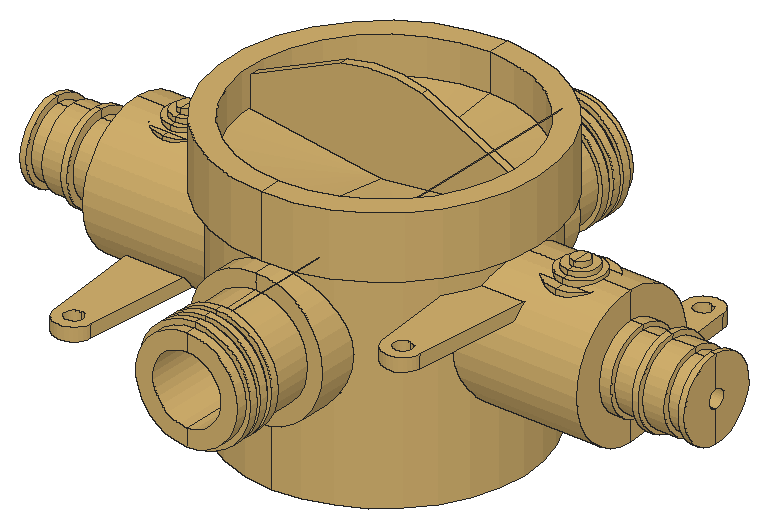
Revit family "Pressure_Balance_Rough_Valve-GROHE-35112000", category Plumbing Fixtures, host Face, Revit 2016
Family settings
  Host = Face
  Part Type = Normal
  Round Connector Dimension = Use Diameter
  OmniClass Number = 23.45.05.14.17
  OmniClass Title = Showers
  Cut with Voids When Loaded = Yes
  Shared = Yes
  Room Calculation Point = No
Parameters (values of type "GROHSAFE 3.0 - 35112000 1/2" Copper Sweat Outlet")
  Water Connection Diameter = 1/2"  # constant formula
  Waste Connection = no
  Warranty Information = ""
  WFU = 4  # constant formula
  Vent Connection = no
  URL = "www.grohe.ca"
  Type Comments = ""
  Specification = " 1/2in PEX cold expansion inlets; 1/2in Universal outlets; Includes plug for 3-port installation; Universal connection is 1/2” male threads by copper sweat; Flush plug included; Can be tested using flush plug with air (200 psi) or water 300 psi;Valve can be rotated 180 degrees to accommodate floor or ceiling supplies ;Made of DZR Brass; Service stops; Cartridge ships with the trim"  # constant formula
  Shower Outlet To Spout Outlet Width = 3 5/8"  # constant formula
  ScrewDriver Stop = yes
  Product Page URL = ""
  Product Documentation Link = ""
  Price = "Prices may vary. Please consult Manufacturer Representative for most up-to-date price list."  # constant formula
  Plaster Guard = yes
  Outlet to Wall = 2"
  Outlet to Outlet = 3 5/8"
  Outlet To Center = Shower Outlet To Spout Outlet Width / 2  # 1 13/16"
  Model = "35112000"  # constant formula
  Material = "DZR_Brass-Grohe"
  Manufacturer = "Grohe"  # constant formula
  Installation Type = "Wall Mounted"  # constant formula
  Inlet to Wall = 1"
  Inlet To Center = Hot Inlet To Cold Inlet Width / 2  # 2 7/16"
  Hot Inlet To Cold Inlet Width = 4 7/8"
  HWFU = 3  # constant formula
  HW Connection = yes
  Finish = DZR_Brass-Grohe
  Description = "Pressure Balance Valve Rough with Elbows - PEX - Cold Expansion with Service Stops"  # constant formula
  Dept From Wall Face To Outlet = if(Outlet to Wall < 1 3/4", 1 3/4", if(Outlet to Wall > 2 3/4", 2 3/4", Outlet to Wall))  # 2"
  Dept From Wall Face To COFC = if(Inlet to Wall < 7/8", 7/8", if(Inlet to Wall > 2", 2", Inlet to Wall))  # 1"
  Default Elevation = 0"  # constant formula
  Creation Date = "03/23/2020"  # constant formula
  Connection Size = 1/2"  # constant formula
  Connection Outlet Description = "1/2\" Copper Sweat Connection Outlet"
  Connection HW Inlet Description = "1/2” PEX Cold Expansion Connection Inlet"
  Connection CW Inlet Description = "1/2” PEX Cold Expansion Connection Inlet"
  CWFU = 3  # constant formula
  CW Connection = yes
  Assembly Code = "D2020300"
Types (3): name | Connection Outlet Description
  (no name) | "1/2\" Copper Sweat Connection Outlet"
  GROHSAFE 3.0 - 35112000 1/2" Copper Sweat Outlet | "1/2\" Copper Sweat Connection Outlet"
  GROHSAFE 3.0 - 35112000 1/2" NPT Outlet | "1/2\" NPT Connection Outlet"
Reference planes (in)
  plane 1 "Center (Front/Back)": y = -0.625
  plane 2: z = 0
  plane 3 "Center (Left/Right)": x = 0
  plane 4: z = -0.45494
  plane 5: y = -0.59375
  plane 6: y = -0.65625
  plane 7: y = -2.4375
  plane 8: y = 1.1875
  plane 9: z = -2
  plane 10: z = -1
  plane 11: x = 1.03125
  plane 12: x = -1.03125
  plane 13: x = 2.4375
  plane 14: x = -2.4375
  plane 15: z = -1.27344
  plane 16: x = -2
  plane 17: x = 3.25
  plane 18: x = -2.34727
  plane 19: x = -2.4375
  plane 20: x = 2.4375
  plane 21: x = 2
Forms (in)
  Extrusion 1, solid
    sketch origin (0, 0, 0) x (1, 0, 0) y (0, 1, 0)
      loop
        line (-0.12634, -0.50696) -> (-0.12634, -0.76768) -> (0.16418, -0.76768) -> (0.16418, -0.50696) -> (-0.12634, -0.50696)
    from -0.69087 to -0.7969
  Revolve 2, solid, material "DZR_Brass-Grohe"
    sketch origin (0, 0, 0) x (0, 1, 0) y (0, 0, 1)
      loop
        line (0.40625, -2) -> (0.40625, -0.45494) -> (0.5046, -0.45494) -> (0.5046, 0) -> (0.34375, 0) -> (0.34375, -0.26863) -> (-0.625, -0.39363) -> (-0.625, -0.51744) -> (0.34375, -0.51744) -> (0.34375, -1.9375) -> (-0.625, -1.9375) -> (-0.625, -2) -> (0.40625, -2)
      axis (-0.625, 0) -> (-0.625, -2)
    angle from 0 to 360
  Extrusion 3, solid, material "DZR_Brass-Grohe"
    sketch origin (0, 1.1875, -0.69922) x (0, 1, 0) y (-1, 0, 0)
      loop
        line (-0.63558, 1.20343) -> (-1.8125, 1.31847) -> (-1.8125, 0.81724) -> (-0.63558, 0.93227)
        arc (-0.63558, 0.93227) -> (-0.5126, 1.06785) -> (-0.63558, 1.20343) r 0.13623
      loop
        circle (-0.64883, 1.06785) r 0.06518
      loop
        line (-2.98942, -1.20343) -> (-1.8125, -1.31847) -> (-1.8125, -0.81724) -> (-2.98942, -0.93227)
        arc (-2.98942, -0.93227) -> (-3.1124, -1.06785) -> (-2.98942, -1.20343) r 0.13623
      loop
        circle (-2.97617, -1.06785) r 0.06518
    from -0.01953 to 0.07575
  Extrusion 4, solid, material "DZR_Brass-Grohe", visible <- "Plaster Guard"
    sketch origin (0, -5.06165, -1.98606) x (0, -1, 0) y (1, 0, 0)
      loop
        arc (-3.25973, -1.48468) -> (-3.13676, -1.3491) -> (-3.25973, -1.21352) r 0.13623
        line (-3.25973, -1.21352) -> (-4.43665, -1.09849) -> (-4.43665, -1.59972) -> (-3.25973, -1.48468)
      loop
        circle (-3.27298, -1.3491) r 0.06518
      loop
        arc (-5.61357, 1.54718) -> (-5.73655, 1.4116) -> (-5.61357, 1.27602) r 0.13623
        line (-5.61357, 1.27602) -> (-4.43665, 1.16099) -> (-4.43665, 1.66222) -> (-5.61357, 1.54718)
      loop
        circle (-5.60032, 1.4116) r 0.06518
    from 0.61857 to 0.71262
  Extrusion 5, solid, material "DZR_Brass-Grohe"
    sketch origin (0, -0.625, 0) x (1, 0, 0) y (0, 0, 1)
      loop
        line (1.06785, -0.45494) -> (1.06785, -0.09479) -> (0.29629, 0.26499)
        arc (0.29629, 0.26499) -> (0, 0.30738) -> (-0.29629, 0.26499) r 1.05669
        line (-0.29629, 0.26499) -> (-1.06785, -0.09479) -> (-1.06785, -0.45494) -> (1.06785, -0.45494)
    from -0.03125 to 0.03125
  Revolve 6, solid, material "DZR_Brass-Grohe", visible <- "ScrewDriver Stop"
    sketch origin (-1.44285, -0.65886, 48.30811) x (0, -1, 0) y (0, 0, 1)
      loop
        line (-0.03386, -48.93159) -> (0.19474, -48.93159) -> (0.19474, -48.84071) -> (0.12322, -48.84071) -> (0.12322, -48.80071) -> (0.07947, -48.80071) -> (0.07947, -48.76585) -> (0.03078, -48.76585) -> (0.03078, -48.7303) -> (-0.03386, -48.7303) -> (-0.03386, -48.93159)
      axis (-0.03386, -48.93159) -> (-0.03386, -48.7303)
    angle from 0 to 360
  Revolve 7, solid, material "DZR_Brass-Grohe", visible <- "ScrewDriver Stop"
    sketch origin (1.44285, 2.2913, 48) x (0, 1, 0) y (0, 0, 1)
      loop
        line (-2.9163, -48.62347) -> (-2.9163, -48.41325) -> (-2.98094, -48.41325) -> (-2.98094, -48.4488) -> (-3.03483, -48.4488) -> (-3.03483, -48.48367) -> (-3.07858, -48.48367) -> (-3.07858, -48.52367) -> (-3.1501, -48.52367) -> (-3.1501, -48.62347) -> (-2.9163, -48.62347)
      axis (-2.9163, -48.62347) -> (-2.9163, -48.41325)
    angle from 0 to 360
  Revolve 8, solid, material "DZR_Brass-Grohe"
    sketch origin (0, -0.625, 0) x (1, 0, 0) y (0, 0, 1)
      loop
        line (1.8125, -0.5) -> (-1.8125, -0.5) -> (-1.8125, -0.70278) -> (-1.90056, -0.70278) -> (-1.90056, -0.73432) -> (-2.07702, -0.73432) -> (-2.07702, -0.68066) -> (-2.12157, -0.68066) -> (-2.12157, -0.71382) -> (-2.28415, -0.71382) -> (-2.28415, -0.74967) -> (-2.39617, -0.74967) -> (-2.39617, -0.70448) -> (-2.4375, -0.70448) -> (-2.4375, -0.93199) -> (-1.8125, -0.93199) -> (-1.8125, -0.86856) -> (1.8125, -0.86856) -> (1.8125, -0.93199) -> (2.4375, -0.93199) -> (2.4375, -0.70448) -> (2.39617, -0.70448) -> (2.39617, -0.74967) -> (2.28415, -0.74967) -> (2.28415, -0.71382) -> (2.12157, -0.71382) -> (2.12157, -0.68066) -> (2.07702, -0.68066) -> (2.07702, -0.73432) -> (1.90056, -0.73432) -> (1.90056, -0.70278) -> (1.8125, -0.70278) -> (1.8125, -0.5)
      axis (-2.4375, -1) -> (2.4375, -1)
    angle from 0 to 360
  Revolve 9, solid, material "DZR_Brass-Grohe"
    sketch origin (0, -0.625, 0) x (0, 1, 0) y (0, 0, 1)
      loop
        line (1.8125, -0.75) -> (1.8125, -0.625) -> (1.7402, -0.625) -> (1.7402, -0.58823) -> (1.68594, -0.58823) -> (1.68594, -0.625) -> (1.64471, -0.625) -> (1.64471, -0.58823) -> (1.59045, -0.58823) -> (1.59045, -0.625) -> (1.54824, -0.625) -> (1.54824, -0.58823) -> (1.49398, -0.58823) -> (1.49398, -0.625) -> (1.17692, -0.625) -> (1.17692, -0.50765) -> (-1.17692, -0.50765) -> (-1.17692, -0.625) -> (-1.49398, -0.625) -> (-1.49398, -0.58823) -> (-1.54824, -0.58823) -> (-1.54824, -0.625) -> (-1.59045, -0.625) -> (-1.59045, -0.58823) -> (-1.64471, -0.58823) -> (-1.64471, -0.625) -> (-1.68594, -0.625) -> (-1.68594, -0.58823) -> (-1.7402, -0.58823) -> (-1.7402, -0.625) -> (-1.8125, -0.625) -> (-1.8125, -0.75) -> (1.8125, -0.75)
      axis (1.8125, -1) -> (-1.8125, -1)
    angle from 0 to 360
  Extrusion 10, void
    sketch origin (0, 1.1875, -0.72266) x (0, 1, 0) y (-1, 0, 0)
      loop
        circle (-1.8125, 0) r 2
    from -2.58468 to 0.72266
Cuts and joins
  joined: Extrusion 3, Extrusion 5
Lines and regions (in)
  Masking region 1
    outline origin (0, 0, 0) x (0, 1, 0) y (0, 0, 1)
      loop
        line (0.5046, 0) -> (-0.59375, 0) -> (-0.59375, 0.30738) -> (-0.65625, 0.30738) -> (-0.65625, 0) -> (-1.7546, 0) -> (-1.7546, -0.45494) -> (-1.65625, -0.45494) -> (-1.65625, -0.50765) -> (-1.80192, -0.50765) -> (-1.80192, -0.57895) -> (-2.4375, -0.57895) -> (-2.4375, -1.42105) -> (-1.80192, -1.42105) -> (-1.80192, -1.49235) -> (-1.65625, -1.49235) -> (-1.65625, -2) -> (0.40625, -2) -> (0.40625, -1.49235) -> (0.55192, -1.49235) -> (0.55192, -1.42105) -> (1.1875, -1.42105) -> (1.1875, -0.75258) -> (1.1875, -0.57895) -> (0.55192, -0.57895) -> (0.55192, -0.50765) -> (0.40625, -0.50765) -> (0.40625, -0.45494) -> (0.5046, -0.45494) -> (0.5046, 0)
  Masking region 2
    outline origin (0, -0.625, 0) x (1, 0, 0) y (0, 0, 1)
      loop
        arc (0.29629, 0.26499) -> (0, 0.30738) -> (-0.29629, 0.26499) r 1.05669
        line (-0.29629, 0.26499) -> (-0.86457, 0) -> (-1.1296, 0) -> (-1.1296, -0.45494) -> (-1.03125, -0.45494) -> (-1.03125, -0.50027) -> (-1.23806, -0.50027) -> (-1.23806, -0.36738) -> (-1.63583, -0.36738) -> (-1.63583, -0.50027) -> (-1.8125, -0.50027) -> (-1.8125, -0.73124) -> (-2.4375, -0.73124) -> (-2.4375, -1.26876) -> (-1.8125, -1.26876) -> (-1.8125, -1.49973) -> (-1.03125, -1.49973) -> (-1.03125, -2) -> (1.03125, -2) -> (1.03125, -1.49973) -> (1.8125, -1.49973) -> (1.8125, -1.26876) -> (2.4375, -1.26876) -> (2.4375, -0.73124) -> (1.8125, -0.73124) -> (1.8125, -0.50027) -> (1.63583, -0.50027) -> (1.63583, -0.36738) -> (1.23806, -0.36738) -> (1.23806, -0.50027) -> (1.03125, -0.50027) -> (1.03125, -0.45494) -> (1.1296, -0.45494) -> (1.1296, 0) -> (0.86457, 0) -> (0.29629, 0.26499)
  symbolic lines, detail levels fine
    curve 1: line (0.86457, -0.625, 0) -> (-0.86457, -0.625, 0)
    curve 2: line (1.1296, -0.625, -0.45494) -> (0, -0.625, -0.45494)
    curve 3: line (0, -0.625, -0.45494) -> (-1.1296, -0.625, -0.45494)
    curve 4: circle (0, -0.625, -1) r 0.3125 normal (0, -1, 0)
    curve 5: circle (0, -0.625, -1) r 0.25 normal (0, -1, 0)
    curve 6: circle (0, -0.625, -1) r 0.375 normal (0, -1, 0)
    curve 7: line (0, 0.5046, -0.45494) -> (0, -1.7546, -0.45494)
    curve 8: circle (0, -0.625, -1) r 0.41541 normal (-1, 0, 0)
    curve 9: circle (0, -0.625, -1) r 0.25 normal (-1, 0, 0)
    curve 10: circle (0, -0.625, -1) r 0.5 normal (-1, 0, 0)
    curve 11: circle (0, -0.625, -1) r 0.3125 normal (-1, 0, 0)
    curve 12: line (1.8125, -0.625, -0.5) -> (1.8125, -0.625, -1.5)
    curve 13: line (-1.8125, -0.625, -0.73124) -> (-1.8125, -0.625, -1.26876)
Dimensions and locks (in)
  locked: Revolve 2 sketch curve to Revolve 2 sketch curve at 0.0625
  locked: cut or joined group of Extrusion 3, Extrusion 5 to cut or joined group of Extrusion 3, Extrusion 5 at 0.09528
  locked: Extrusion 4 to Extrusion 4 at 0.09405
  plane 4 to level = 0.45494"
  Revolve 7 sketch curve to Revolve 7 sketch curve to Revolve 7 sketch curve to Revolve 7 sketch curve to Revolve 7 sketch curve = 0.03555" locked, 0.03486" locked, 0.04" locked, 0.0998" locked
  Revolve 7 sketch curve to Revolve 7 sketch curve to Revolve 7 sketch curve to Revolve 7 sketch curve to Revolve 7 sketch curve = 0.06464" locked, 0.0539" locked, 0.04375" locked, 0.07151" locked
  Revolve 2 sketch curve to Revolve 2 sketch curve to Revolve 2 sketch curve to plane 1 "Center (Front/Back)" = 0.09835" locked, 1/16" locked, 31/32" locked
  Revolve 2 sketch curve to Revolve 2 sketch curve to Revolve 2 sketch curve = 1/16" locked, 0.45494"
  "Dept From Wall Face To Outlet": level to plane 9
  "Dept From Wall Face To COFC": level to plane 10
  level to plane 10 = 1"
  plane 6 to plane 7 = 1 25/32"
  Extrusion 4 to Extrusion 4 = 0.09405"
  Revolve 7 sketch curve to Revolve 7 sketch curve = 0.21022"
  plane 10 to plane 15 = 35/128"  (x2)
  locked: cut or joined group of Extrusion 3, Extrusion 5 to plane 10 at 0.28125
  equal spacing: Revolve 9 sketch curve, plane 1 "Center (Front/Back)", Revolve 9 sketch curve
  Revolve 9 sketch curve to Revolve 9 sketch curve to Revolve 9 sketch curve = 1/8" locked, 0.11735" locked
  Revolve 6 sketch curve to Revolve 6 sketch curve to Revolve 6 sketch curve to Revolve 6 sketch curve = 0.03555" locked, 0.03486" locked, 0.04" locked
  Revolve 6 sketch curve to Revolve 6 sketch curve to Revolve 6 sketch curve to Revolve 6 sketch curve to Revolve 6 sketch curve = 0.06464" locked, 0.04869", 0.04375" locked, 0.07151" locked
  equal spacing: plane 19, plane 3 "Center (Left/Right)", plane 20
  "Inlet To Center": plane 19 to plane 3 "Center (Left/Right)"
  locked: plane 19 to plane 16 at 0.4375
  locked: plane 20 to plane 21 at 0.4375
  plane 19 to plane 20 = 4 7/8"
  Revolve 9 sketch curve to Revolve 9 sketch curve to Revolve 9 sketch curve to Revolve 9 sketch curve to Revolve 9 sketch curve to Revolve 9 sketch curve = 0.05426" locked, 0.04123" locked, 0.05426" locked, 0.04221" locked, 0.05426"  (x2)
  "Outlet to Outlet": plane 8 to plane 7
  equal spacing: plane 8, plane 1 "Center (Front/Back)", plane 7
  Revolve 8 sketch curve to Revolve 8 sketch curve to Revolve 8 sketch curve to Revolve 8 sketch curve to Revolve 8 sketch curve to Revolve 8 sketch curve = 0.11202" locked, 0.16259" locked, 0.04455" locked, 0.17646" locked, 0.08806" locked
  Revolve 8 sketch curve to Revolve 8 sketch curve to Revolve 8 sketch curve to Revolve 8 sketch curve to Revolve 8 sketch curve to Revolve 8 sketch curve to plane 19 = 0.08806" locked, 0.17646" locked, 0.04455" locked, 0.16259" locked, 0.11202" locked, 0.04133" locked
  aligned and locked: plane 1 "Center (Front/Back)" to Revolve 2 sketch curve
  aligned and locked: Revolve 2 sketch curve to plane 1 "Center (Front/Back)"  (x2)
  aligned and locked: plane 1 "Center (Front/Back)" to Extrusion 3 sketch curve
  aligned and locked: Extrusion 5 to plane 5
  aligned and locked: Revolve 2 sketch curve to Revolve 2 sketch curve
  aligned and locked: Revolve 2 to curve 1
  aligned and locked: plane 10 to Revolve 8 sketch curve
  aligned and locked: Revolve 9 sketch curve to plane 10
  aligned and locked: Revolve 2 sketch curve to plane 9
  aligned and locked: plane 4 to Revolve 2 sketch curve
  aligned and locked: Extrusion 4 to plane 15
  aligned and locked: level to Extrusion 10
  aligned and locked: curve 5 to Revolve 9
  aligned and locked: curve 6 to Revolve 9
  aligned and locked: Masking region 1 sketch curve to Revolve 2  (x7)
  aligned and locked: Masking region 1 sketch curve to Revolve 9
  aligned and locked: curve 7 to Revolve 2
  aligned and locked: curve 10 to Revolve 8
  aligned and locked: Revolve 9 sketch curve to Revolve 9 sketch curve
  aligned and locked: Revolve 7 sketch curve to cut or joined group of Extrusion 3, Extrusion 5
  aligned and locked: Masking region 2 sketch curve to cut or joined group of Extrusion 3, Extrusion 5  (x2)
  aligned and locked: cut or joined group of Extrusion 3, Extrusion 5 to Masking region 2 sketch curve
  aligned and locked: Revolve 8 to Masking region 2 sketch curve
  aligned and locked: Masking region 2 sketch curve to Revolve 2
  aligned and locked: curve 12 to Revolve 8
  aligned and locked: plane 19 to Revolve 8 sketch curve
  aligned and locked: plane 20 to Revolve 8 sketch curve
  aligned and locked: Masking region 2 sketch curve to plane 20
  aligned and locked: Masking region 2 sketch curve to plane 19
  aligned and locked: Revolve 9 sketch curve to plane 8
  aligned and locked: plane 7 to Revolve 9 sketch curve
  aligned and locked: plane 7 to Masking region 1 sketch curve
Automatic sketch dimensions
  Extrusion 1 sketch curve to Extrusion 1 sketch curve = 0.29052"
  Extrusion 1 sketch curve to Extrusion 1 sketch curve = 0.26072"
  Extrusion 3 sketch curve to Extrusion 3 sketch curve = 0"  (x4)
  plane 1 "Center (Front/Back)" to Extrusion 3 sketch curve = 0"
  Extrusion 3 sketch curve to plane 11 = 0.0366"
  plane 7 to Extrusion 3 sketch curve = 0.64883"
  Extrusion 3 sketch curve to plane 11 = 0.17218"
  Extrusion 3 sketch curve to Extrusion 3 sketch curve = 0.01325"  (x2)
  plane 11 to Extrusion 3 sketch curve = 0.09898"
  plane 12 to Extrusion 3 sketch curve = 0.0366"
  Extrusion 3 sketch curve to plane 8 = 0.64883"
  plane 12 to Extrusion 3 sketch curve = 0.17218"
  Extrusion 3 sketch curve to plane 12 = 0.09898"
  Extrusion 3 sketch curve to plane 11 = 0.28722"
  plane 11 to Extrusion 3 sketch curve = 0.21401"
  Extrusion 3 sketch curve to plane 12 = 0.21401"
  plane 12 to Extrusion 3 sketch curve = 0.28722"
  Extrusion 4 sketch curve to Extrusion 4 sketch curve = 0"  (x4)
  plane 1 "Center (Front/Back)" to Extrusion 4 sketch curve = 0"  (x2)
  Extrusion 4 sketch curve to plane 8 = 0.64883"
  Extrusion 4 sketch curve to Extrusion 4 sketch curve = 0.01325"  (x4)
  Extrusion 4 sketch curve to plane 11 = 0.24477"
  plane 12 to Extrusion 4 sketch curve = 0.31785"
  plane 7 to Extrusion 4 sketch curve = 0.64883"
  plane 12 to Extrusion 4 sketch curve = 0.18227"
  plane 12 to Extrusion 4 sketch curve = 0.56847"
  plane 12 to Extrusion 4 sketch curve = 0.06724"
  Extrusion 4 sketch curve to plane 11 = 0.12974"
  Extrusion 4 sketch curve to Extrusion 4 sketch curve = 0.13558"
  Extrusion 4 sketch curve to Extrusion 4 sketch curve = 0.50123"
  plane 1 "Center (Front/Back)" to Extrusion 10 sketch curve = 0"
  Extrusion 10 sketch curve to plane 3 "Center (Left/Right)" = 0"
  curve 8 to curve 9 = 0"  (x2)
  curve 8 to curve 10 = 0"  (x2)
  curve 8 to curve 11 = 0"  (x2)
  plane 7 to curve 7 = 0.6829"
  curve 7 to plane 8 = 0.6829"
  curve 4 to curve 5 = 0"  (x2)
  curve 3 to plane 4 = 0"
  curve 1 to level = 0"
  curve 2 to plane 3 "Center (Left/Right)" = 0"
  curve 1 to plane 12 = 0.16668"
  plane 12 to curve 3 = 0.09835"
  plane 11 to curve 1 = 0.16668"
  curve 2 to plane 11 = 0.09835"
  curve 12 to plane 15 = 29/128"
  curve 12 to plane 4 = 0.04506"
  plane 4 to Revolve 2 sketch curve = 0.06131"
  plane 4 to Revolve 2 sketch curve = 0.18631"
  level to Revolve 2 sketch curve = 0.24949"
  Revolve 2 sketch curve to Revolve 2 sketch curve = 0.17262"
  Extrusion 5 sketch curve to plane 4 = 0"
  Extrusion 5 sketch curve to plane 3 "Center (Left/Right)" = 0"
  Extrusion 5 sketch curve to plane 3 "Center (Left/Right)" = 0.29629"
  plane 12 to Extrusion 5 sketch curve = 0.0366"
  plane 3 "Center (Left/Right)" to Extrusion 5 sketch curve = 0.29629"
  Extrusion 5 sketch curve to plane 11 = 0.0366"
  plane 10 to Extrusion 5 sketch curve = 0.25069"
  Extrusion 5 sketch curve to level = 0.09479"  (x2)
  level to Extrusion 5 sketch curve = 0.26499"
  Revolve 6 sketch curve to plane 1 "Center (Front/Back)" = 0"  (x2)
  Revolve 6 sketch curve to plane 4 = 0.16854"
  Revolve 6 sketch curve to plane 4 = 0.07766"
  Revolve 6 sketch curve to level = 0.16986"
  Revolve 6 sketch curve to Revolve 6 sketch curve = 0.0443"
  Revolve 7 sketch curve to plane 1 "Center (Front/Back)" = 0"  (x2)
  Revolve 7 sketch curve to plane 4 = 0.02304"
  Revolve 7 sketch curve to Revolve 7 sketch curve = 0.02042"
  plane 10 to Revolve 8 sketch curve = 0.06801"  (x2)
  Revolve 8 sketch curve to plane 16 = 3/16"
  Revolve 8 sketch curve to plane 4 = 0.04506"
  Revolve 8 sketch curve to plane 21 = 3/16"
  Revolve 8 sketch curve to Revolve 8 sketch curve = 0.06342"
  Revolve 8 sketch curve to Revolve 8 sketch curve = 0.16579"
  Revolve 8 sketch curve to Revolve 8 sketch curve = 0.22751"
  Revolve 8 sketch curve to Revolve 8 sketch curve = 0.18232"
  Revolve 8 sketch curve to Revolve 8 sketch curve = 0.03155"  (x2)
  Revolve 8 sketch curve to Revolve 8 sketch curve = 0.13424"
  Revolve 8 sketch curve to Revolve 8 sketch curve = 0.0205"  (x2)
  Revolve 8 sketch curve to Revolve 8 sketch curve = 0.04518"  (x2)
  Revolve 8 sketch curve to Revolve 8 sketch curve = 0.03317"  (x2)
  plane 14 to Revolve 8 sketch curve = 0.01756"
  plane 16 to Revolve 8 sketch curve = 0.01605"
  plane 7 to Revolve 9 sketch curve = 0.0723"
  Revolve 9 sketch curve to plane 4 = 0.05272"
  Revolve 9 sketch curve to Revolve 9 sketch curve = 0.31705"
  Revolve 9 sketch curve to plane 4 = 0.13329"
  Revolve 9 sketch curve to plane 8 = 0.31852"
  Revolve 9 sketch curve to Revolve 9 sketch curve = 1/8"
  Revolve 9 sketch curve to Revolve 9 sketch curve = 0"  (x4)
  Revolve 9 sketch curve to Revolve 9 sketch curve = 0.11735"
  Revolve 9 sketch curve to Revolve 9 sketch curve = 0.03677"  (x5)
  Revolve 9 sketch curve to plane 7 = 0.01756"
  Revolve 9 sketch curve to Revolve 9 sketch curve = 0.44748"
  Masking region 1 sketch curve to plane 6 = 0"
  Masking region 1 sketch curve to plane 5 = 0"
  Masking region 1 sketch curve to plane 4 = 0"
  Masking region 1 sketch curve to level = 0"
  Masking region 1 sketch curve to Masking region 1 sketch curve = 0.04732"  (x2)
  Masking region 1 sketch curve to plane 15 = 0.14761"  (x2)
  Masking region 1 sketch curve to Masking region 1 sketch curve = 0.63558"
  Masking region 1 sketch curve to Masking region 1 sketch curve = 0.14567"  (x2)
  Masking region 1 sketch curve to plane 8 = 25/32"
  Masking region 1 sketch curve to Masking region 1 sketch curve = 0.07129"
  Masking region 1 sketch curve to plane 15 = 0.21891"
  plane 10 to Masking region 1 sketch curve = 0.24742"
  Masking region 1 sketch curve to plane 4 = 0.12401"  (x2)
  Masking region 1 sketch curve to plane 4 = 0.05272"  (x2)
  Masking region 1 sketch curve to Masking region 1 sketch curve = 0.30738"
  Masking region 2 sketch curve to plane 4 = 0"  (x2)
  Masking region 2 sketch curve to level = 0"  (x2)
  plane 12 to Masking region 2 sketch curve = 0"  (x2)
  plane 11 to Masking region 2 sketch curve = 0"  (x2)
  Masking region 2 sketch curve to plane 16 = 3/16"  (x2)
  plane 15 to Masking region 2 sketch curve = 0.00468"  (x2)
  Masking region 2 sketch curve to plane 4 = 0.04533"  (x3)
  Masking region 2 sketch curve to Masking region 2 sketch curve = 0.17667"  (x2)
  plane 4 to Masking region 2 sketch curve = 0.08756"  (x2)
  plane 12 to Masking region 2 sketch curve = 0.20681"
  plane 12 to Masking region 2 sketch curve = 0.09835"
  Masking region 2 sketch curve to plane 11 = 0.09835"
  Masking region 2 sketch curve to Masking region 2 sketch curve = 0.10847"
  Masking region 2 sketch curve to plane 21 = 3/16"
  Masking region 2 sketch curve to plane 15 = 0.2263"  (x2)
  plane 10 to Masking region 2 sketch curve = 0.26876"  (x2)
  Masking region 2 sketch curve to Masking region 2 sketch curve = 0.04533"
  plane 15 to curve 13 = 0.00468"
  curve 13 to plane 16 = 3/16"
  plane 10 to curve 13 = 0.26876"
  Revolve 8 sketch curve to Revolve 8 sketch curve = 0.04133"
  radius of Extrusion 3 sketch curve = 0.06518"  (x2)
  radius of Extrusion 4 sketch curve = 0.06518"  (x2)
  radius of Extrusion 10 sketch curve = 2"
  radius of curve 8 = 0.41541"
  radius of curve 9 = 1/4"
  radius of curve 11 = 5/16"
  radius of curve 4 = 5/16"
Connectors (in)
  piping at (0, -2.4375, -1), diameter 0.5, driven by "Connection Outlet Description", driven by "Connection Size"
    settings: on Revolve 9, index 1, connector inside diameter 24", connector length 0", flow factor 0, pipe flow 0 GPM, pressure drop 0.00 psi, fitting loss kfactor 0, connector angle 0.00°, fixture units 0, engagement length 0", angle of deflection 0.00°, flow configuration 2, flow direction 2, fitting loss method 0, system type 7, joint type 0, gender type 0, connector reference index -1, connector utility 0, adjustable connector no, is connector primary yes, connector description "1/2\" Copper Sweat Connection Outlet"
  piping at (0, 1.1875, -1), diameter 0.5, driven by "Connection Outlet Description", driven by "Connection Size"
    settings: on Revolve 9, index 2, connector inside diameter 24", connector length 0", flow factor 0, pipe flow 0 GPM, pressure drop 0.00 psi, fitting loss kfactor 0, connector angle 0.00°, fixture units 0, engagement length 0", angle of deflection 0.00°, flow configuration 2, flow direction 2, fitting loss method 0, system type 7, joint type 0, gender type 0, connector reference index -1, connector utility 0, adjustable connector no, is connector primary no, connector description "1/2\" Copper Sweat Connection Outlet"
  piping at (-2.4375, -0.625, -1), diameter 0.5, driven by "Connection HW Inlet Description", driven by "Connection Size"
    settings: on Revolve 8, index 3, connector inside diameter 24", connector length 0", flow factor 0, pipe flow 0 GPM, pressure drop 0.00 psi, fitting loss kfactor 0, connector angle 0.00°, fixture units 0, engagement length 0", angle of deflection 0.00°, flow configuration 2, flow direction 1, fitting loss method 0, system type 19, joint type 0, gender type 0, connector reference index -1, connector utility 0, adjustable connector no, is connector primary no, connector description "1/2” PEX Cold Expansion Connection Inlet"
  piping at (2.4375, -0.625, -1), diameter 0.5, driven by "Connection CW Inlet Description", driven by "Connection Size"
    settings: on Revolve 8, index 4, connector inside diameter 24", connector length 0", flow factor 0, pipe flow 0 GPM, pressure drop 0.00 psi, fitting loss kfactor 0, connector angle 0.00°, fixture units 0, engagement length 0", angle of deflection 0.00°, flow configuration 2, flow direction 1, fitting loss method 0, system type 20, joint type 0, gender type 0, connector reference index -1, connector utility 0, adjustable connector no, is connector primary no, connector description "1/2” PEX Cold Expansion Connection Inlet"
